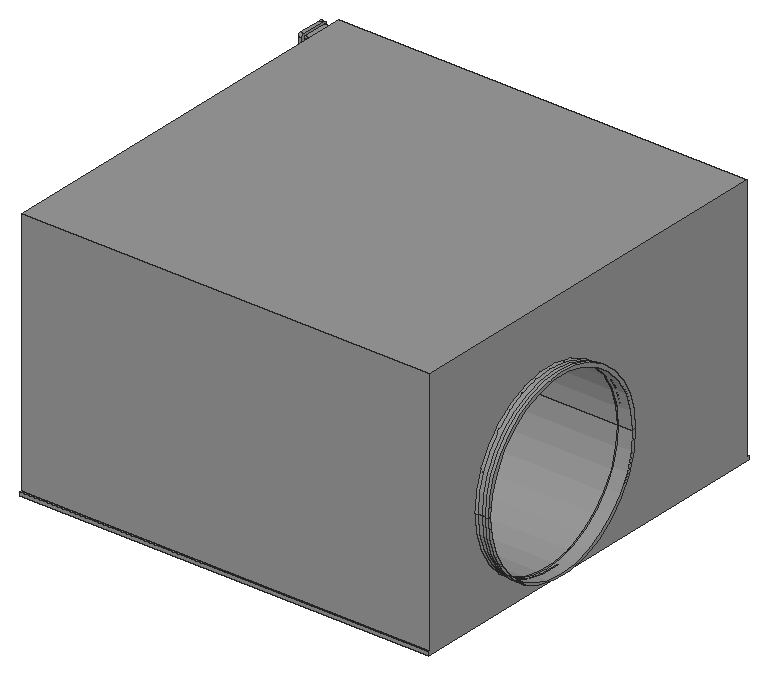
Revit family "IRB 500 J3 ErP AC_7890120", category Mechanical Equipment, Revit 2014
Parameters (values of type "IRB 500 J3 ErP AC")
  Wiring diagram = "Y 4040004 / Δ 4040003"
  Width = 1214 mm
  Weight = 114.00 kg
  Voltage range = "380-415 V"
  Voltage = 400 V
  Speed = "910 rpm"
  Sound pressure level at 3 m = "55 dB(A)"
  Power = 1070 W
  Phase = 3
  Max. temperature of transported air when speed controlled = 60 °C
  Max. temperature of transported air = 60 °C
  Main Material = Steel, Galvanized
  Height = 1108 mm
  Frequency = 50 Hz
  Elevation [instance] = 2600 mm
  Diameter = 500 mm
  Description = "Insulated duct fans with circular connections"
  Depth = 697 mm
  Current = 2.83 A
  Capacitor = "- µF"
Reference planes
  plane 1 "Center (Front/Back)": y = 0
  plane 2: z = 0
  plane 3 "Center (Left/Right)": x = 0
  plane 4: z = 2600
Dimensions and locks
  "Elevation": plane 4 to plane 2
  aligned and locked: level to plane 2
  aligned and locked: plane 3 "Center (Left/Right)" to nested 1
  aligned and locked: plane 1 "Center (Front/Back)" to nested 1
  aligned and locked: nested 1 to nested 2  (x2)
  aligned and locked: nested 1 to plane 4
Nested families
  nested 1: "IRB" at (0, 0, 2600), type "IRB"
  nested 2: "Flow direction symbol" at (0, 0, 0), type "Flow direction symbol"
Connectors
  electrical at (-607, 502.5, 3245.5), driven by "Phase", driven by "Voltage", driven by "Power"
    settings: on nested 1, index 1, voltage 400 V, apparent load 0 VA, apparent load phase1 1070 VA, apparent load phase2 0 VA, apparent load phase3 0 VA, power factor 1, load classification "Other", number of poles 3, system type 31, power factor state 1, is connector primary yes, connector utility no, sub classification motor no, connector description ""
  hvac at (-607, -144.5, 2886), driven by "Diameter"
    settings: on nested 1, index 4, duct flow 0.0 L/s, flow factor 0, pres drop 0.0 Pa, loss coef 0, conn angle 0.00°, conn width 304.8 mm, conn height 304.8 mm, conn diameter 500 mm, duct sys type 1, conn prof type 0, flow config 0, flow direction 1, loss method 0, conn ref index -1, conn util no, is conn primary yes, conn desc ""
  hvac at (599, -144, 2886), driven by "Diameter"
    settings: on nested 1, index 5, duct flow 0.0 L/s, flow factor 0, pres drop 0.0 Pa, loss coef 0, conn angle 0.00°, conn width 304.8 mm, conn height 304.8 mm, conn diameter 500 mm, duct sys type 3, conn prof type 0, flow config 0, flow direction 2, loss method 0, conn ref index -1, conn util no, is conn primary no, conn desc ""
Definition of nested family "IRB"
  Parameters (values of type "IRB")
    Width = 1214 mm
    Main Material = Steel, Galvanized
    Height = 1108 mm
    Description = ""
    Depth = 697 mm
  Reference planes
    plane 1 "Center (Front/Back)": y = 0
    plane 2: z = 0
    plane 3 "Center (Left/Right)": x = 0
    plane 4: z = 697
    plane 5 "Horizontal Pipe Axis": z = 446
    plane 6: z = 10
    plane 7: z = 687
    plane 8: x = -565.5
    plane 9: x = 565.5
    plane 10: x = -607
    plane 11: x = 607
    plane 12: y = 554
    plane 13: y = -554
    plane 14: y = 544
    plane 15: x = -597
    plane 16: y = -144
    plane 17: z = 286
  Forms (mm)
    Extrusion 1, solid, material "Steel, Galvanized" <- "Main Material", detail levels medium+fine
      sketch origin (0, 0, 0) x (0, 1, 0) y (0, 0, 1)
        loop
          line (-554, 0) -> (554, 0) -> (554, 10) -> (549, 10) -> (549, 11) -> (549, 697) -> (-549, 697) -> (-549, 10) -> (-554, 10) -> (-554, 0)
      from -565.5 to 565.5
    Extrusion 2, void
      sketch origin (0, 64.5, -161.869) x (0, 1, 0) y (0, 0, 1)
        loop
          circle (-209.5, 446.497) r 247
      from -1429.857 to 1385.5
    Extrusion 3, solid, material "Steel, Galvanized" <- "Main Material", detail levels coarse
      sketch origin (0, 0, 0) x (0, 1, 0) y (0, 0, 1)
        loop
          line (554, 697) -> (-554, 697) -> (-554, 0) -> (554, 0) -> (554, 697)
      from -565.5 to 565.5
    Sweep 4, solid, material "Plastic, Opaque White", detail levels fine
      path origin (0, 0, 0) x (1, 0, 0) y (0, 1, 0)
        loop
          line (-597, 544) -> (-607, 544)
      profile origin (-602, 544, 0) x (0, -1, 0) y (0, 0, 1)
        loop
          arc (8.073, 687) -> (2.365, 684.635) -> (0, 678.927) r 8.073
          line (0, 678.927) -> (0, 612.073)
          arc (0, 612.073) -> (2.365, 606.365) -> (8.073, 604) r 8.073
          line (8.073, 604) -> (74.927, 604)
          arc (74.927, 604) -> (80.635, 606.365) -> (83, 612.073) r 8.073
          line (83, 612.073) -> (83, 678.927)
          arc (83, 678.927) -> (80.635, 684.635) -> (74.927, 687) r 8.073
          line (74.927, 687) -> (8.073, 687)
    Sweep 5, solid, material "Plastic, Opaque White", detail levels fine
      path origin (0, 0, 0) x (1, 0, 0) y (0, 1, 0)
        loop
          line (-597, 502.5) -> (-565.5, 502.5)
      profile origin (-581.25, 502.5, 0) x (0, 1, 0) y (0, 0, 1)
        loop
          line (33.427, 682) -> (-33.427, 682)
          arc (-33.427, 682) -> (-35.6, 681.1) -> (-36.5, 678.927) r 3.073
          line (-36.5, 678.927) -> (-36.5, 612.073)
          arc (-36.5, 612.073) -> (-35.6, 609.9) -> (-33.427, 609) r 3.073
          line (-33.427, 609) -> (33.427, 609)
          arc (33.427, 609) -> (35.6, 609.9) -> (36.5, 612.073) r 3.073
          line (36.5, 612.073) -> (36.5, 678.927)
          arc (36.5, 678.927) -> (35.6, 681.1) -> (33.427, 682) r 3.073
    Extrusion 6, void, detail levels medium+fine
      sketch origin (0, 64.5, -123.605) x (0, 1, 0) y (0, 0, 1)
        loop
          circle (-209.5, 407.499) r 248
      from -809.837 to 891.662
    Extrusion 7, solid, material "Steel, Galvanized" <- "Main Material", detail levels coarse
      sketch origin (0, 66, -116.163) x (0, 1, 0) y (0, 0, -1)
        loop
          circle (-208.916, -402.799) r 249
      from 565.5 to 607
    Extrusion 8, void
      sketch origin (0, 64.5, -122.872) x (0, 1, 0) y (0, 0, 1)
        loop
          circle (-209.5, 407.499) r 248
      from -809.837 to 700
    Revolve 9, solid, material "Steel, Galvanized" <- "Main Material", detail levels medium+fine
      sketch origin (0, 34.5, 286) x (-1, 0, 0) y (0, -1, 0)
        loop
          line (607, -75.416) -> (607, 178.5) -> (565.5, 178.5) -> (565.5, -71.416)
          arc (565.5, -71.416) -> (569.75, -73.416) -> (574, -71.416) r 5.516
          line (574, -71.416) -> (589, -71.416) -> (589, -73.416) -> (599, -73.416) -> (599, -75.416) -> (607, -75.416)
        axis (565.5, 178.5) -> (607, 178.5)
      angle from 0 to 360
    Extrusion 10, solid, material "Steel, Galvanized" <- "Main Material", detail levels coarse
      sketch origin (0, 66, -116.163) x (0, 1, 0) y (0, 0, 1)
        loop
          circle (-208.916, 402.799) r 249
      from 565.5 to 607
    Revolve 11, solid, material "Steel, Galvanized" <- "Main Material", detail levels medium+fine
      sketch origin (0, 34.5, 286) x (1, 0, 0) y (0, 1, 0)
        loop
          line (607, 75.416) -> (599, 75.416) -> (599, 73.416) -> (589, 73.416) -> (589, 71.416) -> (574, 71.416)
          arc (574, 71.416) -> (569.75, 73.416) -> (565.5, 71.416) r 5.516
          line (565.5, 71.416) -> (565.5, -178.5) -> (607, -178.5) -> (607, 75.416)
        axis (565.5, -178.5) -> (607, -178.5)
      angle from 0 to 360
  Cuts and joins
    Extrusion 2 cuts Extrusion 1
    joined: Sweep 4, Sweep 5
    Extrusion 6 cuts Extrusion 3
    Extrusion 8 cuts Revolve 9
    Extrusion 2 cuts Revolve 11
  Dimensions and locks
    equal spacing: plane 10, plane 3 "Center (Left/Right)", plane 11
    "Width": plane 10 to plane 11
    "Depth": plane 4 to level
    locked: plane 12 to plane 14 at 10
    locked: plane 4 to plane 7 at 10
    locked: plane 10 to plane 15 at 10
    locked: plane 10 to plane 8 at 41.5
    locked: plane 9 to plane 11 at 41.5
    locked: Sweep 5 sketch curve to plane 7 at 5
    locked: plane 14 to Sweep 5 sketch curve at 5
    plane 4 to plane 5 "Horizontal Pipe Axis" = 251 mm
    equal spacing: plane 12, plane 1 "Center (Front/Back)", plane 13
    "Height": plane 12 to plane 13
    aligned and locked: level to plane 2
    aligned and locked: Extrusion 1 sketch curve to plane 13
    aligned and locked: plane 2 to Extrusion 1 sketch curve
    aligned and locked: Extrusion 1 sketch curve to plane 12
    aligned and locked: Extrusion 1 to plane 9
    aligned and locked: Extrusion 1 to plane 8
    aligned and locked: plane 4 to Extrusion 3 sketch curve
    aligned and locked: plane 12 to Extrusion 3 sketch curve
    aligned and locked: Extrusion 3 to plane 8
    aligned and locked: Extrusion 3 to plane 9
    aligned and locked: plane 10 to Sweep 4 sketch curve
    aligned and locked: plane 15 to Sweep 4 sketch curve
    aligned and locked: Sweep 4 sketch curve to plane 7
    aligned and locked: Sweep 4 sketch curve to plane 14
    aligned and locked: plane 8 to Sweep 5 sketch curve
    aligned and locked: plane 15 to Sweep 5 sketch curve
  Automatic sketch dimensions
    Extrusion 1 sketch curve to plane 4 = 0 mm
    Extrusion 1 sketch curve to plane 6 = 0 mm  (x2)
    Extrusion 1 sketch curve to plane 13 = 5 mm
    Extrusion 1 sketch curve to plane 12 = 5 mm
    Extrusion 1 sketch curve to Extrusion 1 sketch curve = 1 mm
    Extrusion 2 sketch curve to plane 16 = 1 mm
    Extrusion 2 sketch curve to plane 17 = 1.372 mm
    Extrusion 3 sketch curve to plane 13 = 0 mm
    Extrusion 3 sketch curve to level = 0 mm
    Sweep 4 sketch curve to plane 14 = 0 mm
    Sweep 4 sketch curve to profile plane = 8.073 mm  (x2)
    Sweep 4 sketch curve to Sweep 4 sketch curve = 66.854 mm  (x3)
    Sweep 4 sketch curve to Sweep 4 sketch curve = 8.073 mm
    Sweep 5 sketch curve to plane 14 = 41.5 mm
    Sweep 5 sketch curve to Sweep 5 sketch curve = 3.073 mm  (x3)
    profile plane to Sweep 5 sketch curve = 33.427 mm  (x2)
    Sweep 5 sketch curve to Sweep 5 sketch curve = 66.854 mm
    Extrusion 6 sketch curve to plane 16 = 1 mm
    Extrusion 6 sketch curve to plane 17 = 2.106 mm
    plane 16 to Extrusion 7 sketch curve = 1.084 mm
    plane 17 to Extrusion 7 sketch curve = 0.636 mm
    Extrusion 8 sketch curve to plane 16 = 1 mm
    Extrusion 8 sketch curve to plane 17 = 1.372 mm
    Revolve 9 sketch curve to plane 8 = 0 mm  (x2)
    Revolve 9 sketch curve to plane 10 = 0 mm
    Revolve 9 sketch curve to plane 16 = 0 mm  (x2)
    Revolve 9 sketch curve to plane 8 = 4.25 mm
    Revolve 9 sketch curve to Revolve 9 sketch curve = 4.25 mm
    plane 15 to Revolve 9 sketch curve = 8 mm
    Revolve 9 sketch curve to plane 15 = 2 mm
    Revolve 9 sketch curve to plane 1 "Center (Front/Back)" = 102.4 mm
    Revolve 9 sketch curve to Revolve 9 sketch curve = 3.515 mm
    Revolve 9 sketch curve to Revolve 9 sketch curve = 2 mm  (x2)
    Revolve 9 sketch curve to Revolve 9 sketch curve = 93.5 mm
    plane 16 to Extrusion 10 sketch curve = 1.084 mm
    plane 17 to Extrusion 10 sketch curve = 0.636 mm
    Revolve 11 sketch curve to plane 9 = 0 mm  (x2)
    Revolve 11 sketch curve to plane 11 = 0 mm
    Revolve 11 sketch curve to plane 16 = 0 mm  (x2)
    Revolve 11 sketch curve to plane 9 = 4.25 mm
    Revolve 11 sketch curve to Revolve 11 sketch curve = 4.25 mm
    Revolve 11 sketch curve to Revolve 11 sketch curve = 15 mm
    plane 11 to Revolve 11 sketch curve = 8 mm
    Revolve 11 sketch curve to plane 1 "Center (Front/Back)" = 102.4 mm
    Revolve 11 sketch curve to Revolve 11 sketch curve = 3.515 mm
    Revolve 11 sketch curve to Revolve 11 sketch curve = 2 mm  (x2)
    Revolve 11 sketch curve to Revolve 11 sketch curve = 93.5 mm
    radius of Extrusion 2 sketch curve = 247 mm
    radius of Extrusion 6 sketch curve = 248 mm
    radius of Extrusion 7 sketch curve = 249 mm
    radius of Extrusion 8 sketch curve = 248 mm
    radius of Extrusion 10 sketch curve = 249 mm
Definition of nested family "Flow direction symbol"
  Parameters (values of type "Flow direction symbol")
    Warning = "!"
    Text = "DIMENSIONS OVERCONSTRAINT"
  Reference planes
    plane 1: y = 0
    plane 2: x = 0
  Lines and regions (mm)
    detail lines
      curve 1: line (-0.506, 0.877, 0) -> (-0.506, -0.877, 0)
      curve 2: line (1.012, 0, 0) -> (-0.506, -0.877, 0)
      curve 3: line (-0.506, 0.877, 0) -> (1.012, 0, 0)
      curve 4: circle (0, 0, 0) r 1 normal (0, 0, 1)
